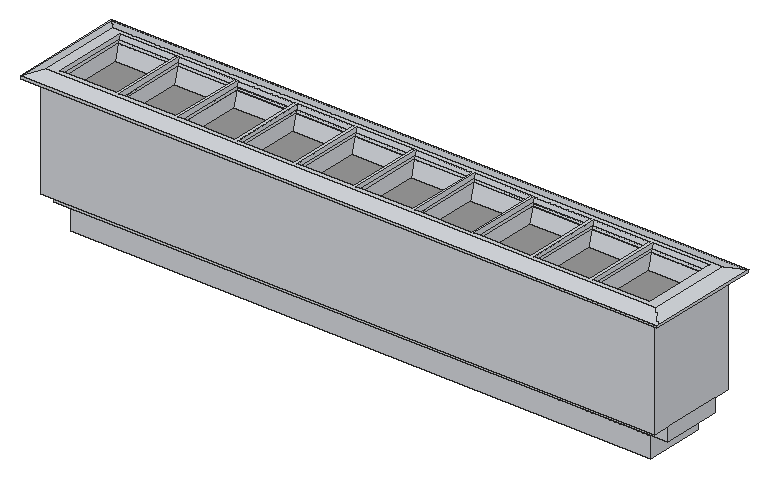
Revit family "2061447 Sylvania Lighting Fixture DOMINO 10xLED 930 BLACK NB TRIM BLACK DALI", category Lighting Fixtures, host Face, Revit 2018
Family settings
  Host = Face
  Round Connector Dimension = Use Diameter
  Part Type = Normal
  OmniClass Number = 23.80.70.00
  OmniClass Title = Lighting
  Cut with Voids When Loaded = No
  Light Source = Yes
  Shared = No
  Room Calculation Point = No
Parameters (values of type "2061447 DOMINO 10XLED 930 BLACK NB TR BLK DALI")
  top top width = 15.812 mm
  top top length = 255 mm
  Width = 50 mm
  Weight = "n/a"
  Wattage Comments = ""
  Wattage = 9.2903 W
  WarrantyStartDate [instance] = "n/a"
  WarrantyGuarantorParts = "n/a"
  WarrantyDurationUnit = "n/a"
  WarrantyDurationParts = ""
  WarrantyDescription = "http://www.sylvania-lighting.com"
  built-in parameter 1150110 = 1 (stored number, unit not read)
  Voltage = 0 V
  URL = "0.96"
  TypeName = "DOMINO 10xLED 930 BLACK NB TRIM BLACK DALI"
  Type Image = <None>
  Type Comments = "n/a"
  built-in parameter 1114217 = 1 (stored number, unit not read)
  Top Width = 26 mm
  Tilt Angle = 90.00°
  built-in parameter 1150109 = 1 (stored number, unit not read)
  built-in parameter 1150134 = 3
  built-in parameter 1150113 = 1 (stored number, unit not read)
  SerialNumber [instance] = "n/a"
  Recessed Width = 43 mm
  Recessed Length = 276 mm
  Photometric Web File = "2061447.ies"
  Material_3_FEILO = none
  PowerFactor = 0
  PowerConsumption = "Lighting"
  NominalLength = 50 mm
  NominalHeight = 0 mm
  NominalDepth = 0 mm
  Name = "DOMINO 10xLED 930 BLACK NB TRIM BLACK DALI"
  ModelReference = Name  # "DOMINO 10xLED 930 BLACK NB TRIM BLACK DALI"
  ModelNumber = "2061447"
  Model = Name  # "DOMINO 10xLED 930 BLACK NB TRIM BLACK DALI"
  Material = "Feilo Sylvania"
  ManufacturerName = "69 lm/W"
  Manufacturer = ""
  LuminousEfficacy = ""
  built-in parameter 1150105 = 109.82 (stored number, unit not read)
  Lumens = 1380 lm
  LuminaireType = "0"
  built-in parameter 1150115 = 1 (stored number, unit not read)
  LightOutputRatio = "LED"
  built-in parameter 1150137 = (empty or 0)
  built-in parameter 1150139 = (empty or 0)
  Lens inside recess = 25 mm
  Lens Width = 32 mm
  Lens Outside recess = 31.978 mm
  Lens = Glass, White, High Luminance
  Length = 280 mm
  LampsType = Lamp  # "n/a"
  LampNominalLuminous = "3000 K"
  LampMacAdamStep = "90"
  LampColourTemperature = "LED"
  LampColourRenderingIndex = "16500"
  built-in parameter 1150112 = 1 (stored number, unit not read)
  built-in parameter 1150114 = 1 (stored number, unit not read)
  Lamp = "n/a"
  Keynote = "n/a"
  InstallationDate [instance] = "n/a"
  InputVoltage = "0"
  InputNominalFrequency = "3000"
  built-in parameter 1150132 = (empty or 0)
  built-in parameter 1150102 = (empty or 0)
  built-in parameter 1150107 = 3200 (stored number, unit not read)
  built-in parameter 1150138 = (empty or 0)
  IngressProtection = "IfcLightFixtureType"
  ImpactProtectionIndex = "IfcLightFixtureType"
  built-in parameter 1150106 = 1.0982 (stored number, unit not read)
  IfcExportType = "IfcLightFixtureType"
  IfcExportAs = "Class II"
  Facia internal width = 37 mm
  Facia internal length = 268 mm
  Facia Height = 2 mm
  ExpectedLife = 50000
  Emit from Circle Diameter = 609.6 mm
  Emit Shape Visible in Rendering = no
  ElectricShockClassification = "69"
  built-in parameter 1150104 = 13.8 (stored number, unit not read)
  DurationUnit = "hours"
  DocumentationLiterature = "http://www.sylvania-lighting.com/product/en-int/products/2061447"
  DimmingControlOptions = "n/a"
  Material_2_FEILO = none
  Dimming Lamp Color Temperature Shift = <None>
  Description = "Modular LED recessed linear spotlight, ideal for retail and hospitality applications. Die-cast aluminium body, passive cooling. Two levels of reflector installation, low glaring UGR<16. 10x LED source, 15° beam angle , optics: PMMA lens and polycarbonate reflector combination, Black matt reflector finish. Light color temperature: 3000K warm white, total system power: 23W , total fixture lumen output: 1575lm, efficacy: 69 lm/W, Ra90 typical, LED chromacity: 3 step MacAdam ellipse (SDCM3), lifespan: 96,000 hours at 90% of the original output (L90B10), IR/UV free light source without heat radiation, operating voltage: 220-240V / 50-60Hz, electronic driver, ultra low flicker, DALI , electrical protection: Class II. Degree of Protection: IP40/IP20, suitable for indoor environment only. Ceiling cut-out: 43x43mm, outer dimensions:  280x50mm trim frame RAL 9005 - Jet black color.5 years Warranty."
  Default Elevation = 1219.2 mm
  CreatedOn = "11/02/2021"
  CreatedBy = "@sylvania-lighting.com"
  Cost = 0
  Color Filter = 16777215
  built-in parameter 1114216 [instance] = (empty or 0)
  ClassificationValue = "EF_70_80"
  ClassificationName = "Uniclass2015"
  Material_1_FEILO = none
  Body Width = 40 mm
  Body Length = 270 mm
  BarCode [instance] = "n/a"
  built-in parameter 1114218 = 1 (stored number, unit not read)
  built-in parameter 1150133 = 10 (stored number, unit not read)
  AssetType = "Fixed"
  AssetIdentifier [instance] = "n/a"
  Assembly Code = "D5020200"
  Apparent Load = 23 VA
  Material_4_FEILO = none
Reference planes
  plane 1 "Center (Front/Back)": y = 0
  plane 2: z = 0
  plane 3 "Center (Left/Right)": x = 0
  plane 4: z = 0
  plane 5: z = -7
  plane 6: z = -45.895
  plane 7: z = -51.895
  plane 8: z = -60.895
  plane 9: x = -138
  plane 10: x = 138
  plane 11: y = 21.5
  plane 12: y = -21.5
  plane 13: x = -140
  plane 14: x = 140
  plane 15: y = 25
  plane 16: y = -25
  plane 17: x = 134
  plane 18: x = -134
  plane 19: y = 18.5
  plane 20: y = -18.5
  plane 21: z = 2
  plane 22: x = -135
  plane 23: x = 135
  plane 24: y = 20
  plane 25: y = -20
  plane 26: y = 13
  plane 27: y = -13
  plane 28: x = 127.5
  plane 29: x = -127.5
  plane 30: x = -132
  plane 31: y = 16.5
  plane 32: y = -16.472
  plane 33: y = 13
  plane 34: y = -12.972
  plane 35: x = 129.7
  plane 36: x = 127.224
Forms (mm)
  Extrusion 1, solid, not visible, detail levels medium+fine
    sketch origin (4.2, 0, 0) x (1, 0, 0) y (0, 1, 0)
      loop
        line (-29.2, 34.5) -> (-29.2, -34.5) -> (20.8, -34.5) -> (20.8, 34.5) -> (-29.2, 34.5)
    from 0 to 1
  Extrusion 2, solid, not visible, detail levels medium+fine
    sketch origin (4.044, 0, 0) x (1, 0, 0) y (0, 1, 0)
      loop
        line (-29.2, 34.5) -> (-29.2, -34.5) -> (20.8, -34.5) -> (20.8, 34.5) -> (-29.2, 34.5)
    from 0 to 1
  Blend 3, solid, not visible, detail levels medium+fine
    base sketch origin (4.2, 0, 0) x (1, 0, 0) y (0, 1, 0)
      loop
        line (-29.2, 34.5) -> (-29.2, -34.5) -> (20.8, -34.5) -> (20.8, 34.5) -> (-29.2, 34.5)
    top sketch origin (4.2, 0, 0) x (1, 0, 0) y (0, 1, 0)
      loop
        line (-21.7, 28) -> (-21.7, -28) -> (13.3, -28) -> (13.3, 28) -> (-21.7, 28)
    from 1 to 3
  Extrusion 4, solid, not visible, detail levels medium+fine
    sketch origin (3.419, 0, 0) x (1, 0, 0) y (0, 1, 0)
      loop
        line (-29.2, 34.5) -> (-29.2, -34.5) -> (20.8, -34.5) -> (20.8, 34.5) -> (-29.2, 34.5)
    from 0 to 1
  Blend 5, solid, not visible, detail levels medium+fine
    base sketch origin (3.575, 0, 0) x (1, 0, 0) y (0, 1, 0)
      loop
        line (-29.2, 34.5) -> (-29.2, -34.5) -> (20.8, -34.5) -> (20.8, 34.5) -> (-29.2, 34.5)
    top sketch origin (3.575, 0, 0) x (1, 0, 0) y (0, 1, 0)
      loop
        line (-21.7, 28) -> (-21.7, -28) -> (13.3, -28) -> (13.3, 28) -> (-21.7, 28)
    from 1 to 3
  Extrusion 6, solid, not visible, detail levels medium+fine
    sketch origin (4.247, 0, 0) x (1, 0, 0) y (0, 1, 0)
      loop
        line (-29.2, 34.5) -> (-29.2, -34.5) -> (20.8, -34.5) -> (20.8, 34.5) -> (-29.2, 34.5)
    from 0 to 1
  Blend 7, solid, not visible, detail levels medium+fine
    base sketch origin (4.403, 0, 0) x (1, 0, 0) y (0, 1, 0)
      loop
        line (-29.2, 34.5) -> (-29.2, -34.5) -> (20.8, -34.5) -> (20.8, 34.5) -> (-29.2, 34.5)
    top sketch origin (4.403, 0, 0) x (1, 0, 0) y (0, 1, 0)
      loop
        line (-21.7, 28) -> (-21.7, -28) -> (13.3, -28) -> (13.3, 28) -> (-21.7, 28)
    from 1 to 3
  Extrusion 8, void, detail levels medium+fine
    sketch origin (4.2, 0, 0) x (0, 1, 0) y (1, 0, 0)
      loop
        line (21.5, -142.2) -> (21.5, 133.8) -> (-21.5, 133.8) -> (-21.5, -142.2) -> (21.5, -142.2)
    from -9.934 to 83.097
  Extrusion 9, solid, detail levels medium+fine
    sketch origin (4.2, 0, 0) x (1, 0, 0) y (0, 1, 0)
      loop
        line (-144.2, 25) -> (-144.2, -25) -> (135.8, -25) -> (135.8, 25) -> (-144.2, 25)
    from 0 to 1
  Extrusion 10, solid, detail levels medium+fine
    sketch origin (4.2, 0, 0) x (1, 0, 0) y (0, 1, 0)
      loop
        line (-139.2, 20) -> (-139.2, -20) -> (130.8, -20) -> (130.8, 20) -> (-139.2, 20)
    from 0 to -45.895
  Extrusion 11, solid, detail levels medium+fine
    sketch origin (4.2, 0, 0) x (1, 0, 0) y (0, 1, 0)
      loop
        line (-139.2, 13) -> (-139.2, -13) -> (130.8, -13) -> (130.8, 13) -> (-139.2, 13)
    from -51.895 to -45.895
  Extrusion 12, solid, material "Glass, White, High Luminance" <- "Lens", detail levels fine
    sketch origin (-53.155, 1221.106, 36.156) x (1, 0, 0) y (0, 1, 0)
      loop
        line (-76.18, -1206.856) -> (-76.18, -1232.856) -> (-52.18, -1232.856) -> (-52.18, -1206.856) -> (-76.18, -1206.856)
    from -43.156 to -42.182
  Blend 13, solid, detail levels medium+fine
    base sketch origin (4.2, 0, 0) x (1, 0, 0) y (0, 1, 0)
      loop
        line (-144.2, 25) -> (-144.2, -25) -> (135.8, -25) -> (135.8, 25) -> (-144.2, 25)
    top sketch origin (4.2, 0, 0) x (1, 0, 0) y (0, 1, 0)
      loop
        line (-138.2, 18.5) -> (-138.2, -18.5) -> (129.8, -18.5) -> (129.8, 18.5) -> (-138.2, 18.5)
    from 1 to 3
  Extrusion 14, solid, detail levels fine
    sketch origin (0, 0, 0) x (1, 0, 0) y (0, 0, 1)
      loop
        line (-127.5, -51.895) -> (-127.5, -60.895) -> (127.5, -60.895) -> (127.5, -51.895) -> (-127.5, -51.895)
    from -13 to 13
  Blend 15, void
    base sketch origin (-59.8, 0, 0) x (0, 1, 0) y (-1, 0, 0)
      loop
        line (16.5, 69.7) -> (-16.472, 69.7) -> (-16.472, 44.7) -> (16.5, 44.7) -> (16.5, 69.7)
    top sketch origin (-59.8, 0, 0) x (0, 1, 0) y (-1, 0, 0)
      loop
        line (13, 69.2) -> (-12.972, 69.2) -> (-12.972, 45.2) -> (13, 45.2) -> (13, 69.2)
    from 3 to -7
  Blend 16, void
    base sketch origin (18.282, 0, 0) x (0, 1, 0) y (-1, 0, 0)
      loop
        line (16.5, 69.7) -> (-16.472, 69.7) -> (-16.472, 44.7) -> (16.5, 44.7) -> (16.5, 69.7)
    top sketch origin (18.282, 0, 0) x (0, 1, 0) y (-1, 0, 0)
      loop
        line (13, 69.2) -> (-12.972, 69.2) -> (-12.972, 45.2) -> (13, 45.2) -> (13, 69.2)
    from 3 to -7
  Blend 17, void
    base sketch origin (44.284, -0.017, 0) x (0, 1, 0) y (-1, 0, 0)
      loop
        line (16.5, 69.7) -> (-16.472, 69.7) -> (-16.472, 44.7) -> (16.5, 44.7) -> (16.5, 69.7)
    top sketch origin (44.284, -0.017, 0) x (0, 1, 0) y (-1, 0, 0)
      loop
        line (13, 69.2) -> (-12.972, 69.2) -> (-12.972, 45.2) -> (13, 45.2) -> (13, 69.2)
    from 3 to -7
  Blend 18, void
    base sketch origin (70.327, 0, 0) x (0, 1, 0) y (-1, 0, 0)
      loop
        line (16.5, 69.7) -> (-16.472, 69.7) -> (-16.472, 44.7) -> (16.5, 44.7) -> (16.5, 69.7)
    top sketch origin (70.327, 0, 0) x (0, 1, 0) y (-1, 0, 0)
      loop
        line (13, 69.2) -> (-12.972, 69.2) -> (-12.972, 45.2) -> (13, 45.2) -> (13, 69.2)
    from 3 to -7
  Blend 19, void
    base sketch origin (96.351, 0, 0) x (0, 1, 0) y (-1, 0, 0)
      loop
        line (16.5, 69.7) -> (-16.472, 69.7) -> (-16.472, 44.7) -> (16.5, 44.7) -> (16.5, 69.7)
    top sketch origin (96.351, 0, 0) x (0, 1, 0) y (-1, 0, 0)
      loop
        line (13, 69.2) -> (-12.972, 69.2) -> (-12.972, 45.2) -> (13, 45.2) -> (13, 69.2)
    from 3 to -7
  Extrusion 20, solid, material "Glass, White, High Luminance" <- "Lens", detail levels fine
    sketch origin (-29.269, 1219.946, 36.156) x (1, 0, 0) y (0, 1, 0)
      loop
        line (-73.723, -1206.946) -> (-73.723, -1232.946) -> (-49.723, -1232.946) -> (-49.723, -1206.946) -> (-73.723, -1206.946)
    from -43.156 to -42.182
  Extrusion 21, solid, material "Glass, White, High Luminance" <- "Lens", detail levels fine
    sketch origin (-0.613, 1219.733, 36.156) x (1, 0, 0) y (0, 1, 0)
      loop
        line (-76.347, -1206.7) -> (-76.347, -1232.733) -> (-52.347, -1232.733) -> (-52.347, -1206.7) -> (-76.347, -1206.7)
    from -43.156 to -42.182
  Extrusion 22, solid, material "Glass, White, High Luminance" <- "Lens", detail levels fine
    sketch origin (24.387, 1218.509, 36.156) x (1, 0, 0) y (0, 1, 0)
      loop
        line (-75.305, -1205.509) -> (-75.305, -1231.509) -> (-51.305, -1231.509) -> (-51.305, -1205.509) -> (-75.305, -1205.509)
    from -43.156 to -42.182
  Extrusion 23, solid, material "Glass, White, High Luminance" <- "Lens", detail levels fine
    sketch origin (51.187, 1219.547, 36.156) x (1, 0, 0) y (0, 1, 0)
      loop
        line (-76.102, -1206.547) -> (-76.102, -1232.547) -> (-52.102, -1232.547) -> (-52.102, -1206.547) -> (-76.102, -1206.547)
    from -43.156 to -42.182
  Blend 24, void
    base sketch origin (-33.792, 0, 0) x (0, 1, 0) y (-1, 0, 0)
      loop
        line (16.5, 69.7) -> (-16.472, 69.7) -> (-16.472, 44.7) -> (16.5, 44.7) -> (16.5, 69.7)
    top sketch origin (-33.792, 0, 0) x (0, 1, 0) y (-1, 0, 0)
      loop
        line (13, 69.2) -> (-12.972, 69.2) -> (-12.972, 45.2) -> (13, 45.2) -> (13, 69.2)
    from 3 to -7
  Blend 25, void
    base sketch origin (-7.76, 0, 0) x (0, 1, 0) y (-1, 0, 0)
      loop
        line (16.5, 69.7) -> (-16.472, 69.7) -> (-16.472, 44.7) -> (16.5, 44.7) -> (16.5, 69.7)
    top sketch origin (-7.76, 0, 0) x (0, 1, 0) y (-1, 0, 0)
      loop
        line (13, 69.2) -> (-12.972, 69.2) -> (-12.972, 45.2) -> (13, 45.2) -> (13, 69.2)
    from 3 to -7
  Blend 26, void
    base sketch origin (122.411, 0, 0) x (0, 1, 0) y (-1, 0, 0)
      loop
        line (16.5, 69.7) -> (-16.472, 69.7) -> (-16.472, 44.7) -> (16.5, 44.7) -> (16.5, 69.7)
    top sketch origin (122.411, 0, 0) x (0, 1, 0) y (-1, 0, 0)
      loop
        line (13, 69.2) -> (-12.972, 69.2) -> (-12.972, 45.2) -> (13, 45.2) -> (13, 69.2)
    from 3 to -7
  Extrusion 27, solid, material "Glass, White, High Luminance" <- "Lens", detail levels fine
    sketch origin (77.265, 1219.547, 36.156) x (1, 0, 0) y (0, 1, 0)
      loop
        line (-76.102, -1206.547) -> (-76.102, -1232.547) -> (-52.102, -1232.547) -> (-52.102, -1206.547) -> (-76.102, -1206.547)
    from -43.156 to -42.182
  Extrusion 28, solid, material "Glass, White, High Luminance" <- "Lens", detail levels fine
    sketch origin (100.753, 1219.547, 36.156) x (1, 0, 0) y (0, 1, 0)
      loop
        line (-76.102, -1206.547) -> (-76.102, -1232.547) -> (-52.102, -1232.547) -> (-52.102, -1206.547) -> (-76.102, -1206.547)
    from -43.156 to -42.182
  Extrusion 29, solid, material "Glass, White, High Luminance" <- "Lens", detail levels fine
    sketch origin (129.314, 1219.547, 36.156) x (1, 0, 0) y (0, 1, 0)
      loop
        line (-76.102, -1206.547) -> (-76.102, -1232.547) -> (-52.102, -1232.547) -> (-52.102, -1206.547) -> (-76.102, -1206.547)
    from -43.156 to -42.182
  Blend 30, void
    base sketch origin (148.416, 0, 0) x (0, 1, 0) y (-1, 0, 0)
      loop
        line (16.5, 69.7) -> (-16.472, 69.7) -> (-16.472, 44.7) -> (16.5, 44.7) -> (16.5, 69.7)
    top sketch origin (148.416, 0, 0) x (0, 1, 0) y (-1, 0, 0)
      loop
        line (13, 69.2) -> (-12.972, 69.2) -> (-12.972, 45.2) -> (13, 45.2) -> (13, 69.2)
    from 3 to -7
  Extrusion 31, solid, material "Glass, White, High Luminance" <- "Lens", detail levels fine
    sketch origin (155.278, 1219.547, 36.156) x (1, 0, 0) y (0, 1, 0)
      loop
        line (-76.102, -1206.547) -> (-76.102, -1232.547) -> (-52.102, -1232.547) -> (-52.102, -1206.547) -> (-76.102, -1206.547)
    from -43.156 to -42.182
  Blend 32, void
    base sketch origin (174.42, 0, 0) x (0, 1, 0) y (-1, 0, 0)
      loop
        line (16.5, 69.7) -> (-16.472, 69.7) -> (-16.472, 44.7) -> (16.5, 44.7) -> (16.5, 69.7)
    top sketch origin (174.42, 0, 0) x (0, 1, 0) y (-1, 0, 0)
      loop
        line (13, 69.2) -> (-12.972, 69.2) -> (-12.972, 45.2) -> (13, 45.2) -> (13, 69.2)
    from 3 to -7
  Extrusion 33, solid, material "Glass, White, High Luminance" <- "Lens", detail levels fine
    sketch origin (181.434, 1219.547, 36.156) x (1, 0, 0) y (0, 1, 0)
      loop
        line (-76.214, -1206.547) -> (-76.214, -1232.547) -> (-52.214, -1232.547) -> (-52.214, -1206.547) -> (-76.214, -1206.547)
    from -43.156 to -42.182
  Extrusion 34, solid, detail levels coarse
    sketch origin (4.2, 0, 0) x (1, 0, 0) y (0, 1, 0)
      loop
        line (-144.2, 25) -> (-144.2, -25) -> (135.8, -25) -> (135.8, 25) -> (-144.2, 25)
    from -60.895 to 3
Cuts and joins
  Blend 15, Blend 16, Blend 17, Blend 18, Blend 19, Blend 24, Blend 25, Blend 26, Blend 30, Blend 32 cuts Extrusion 9
  Blend 15, Blend 16, Blend 17, Blend 18, Blend 19, Blend 24, Blend 25, Blend 26, Blend 30, Blend 32 cuts Extrusion 10
  Blend 15, Blend 16, Blend 17, Blend 18, Blend 19, Blend 24, Blend 25, Blend 26, Blend 30, Blend 32 cuts Blend 13
  Blend 32 cuts Extrusion 31
Dimensions and locks
  "Recessed Length": plane 9 to plane 10
  equal spacing: plane 9, plane 3 "Center (Left/Right)", plane 10
  "Length": plane 13 to plane 14
  equal spacing: plane 13, plane 3 "Center (Left/Right)", plane 14
  "Recessed Width": plane 11 to plane 12
  equal spacing: plane 11, plane 1 "Center (Front/Back)", plane 12
  "Width": plane 15 to plane 16
  equal spacing: plane 15, plane 1 "Center (Front/Back)", plane 16
  "Facia internal length": plane 18 to plane 17
  equal spacing: plane 18, plane 3 "Center (Left/Right)", plane 17
  "Facia internal width": plane 19 to plane 20
  equal spacing: plane 19, plane 1 "Center (Front/Back)", plane 20
  "Facia Height": plane 21 to host face
  "Body Length": plane 22 to plane 23
  equal spacing: plane 22, plane 3 "Center (Left/Right)", plane 23
  "Body Width": plane 24 to plane 25
  equal spacing: plane 24, plane 1 "Center (Front/Back)", plane 25
  "Top Width": plane 26 to plane 27
  equal spacing: plane 26, plane 1 "Center (Front/Back)", plane 27
  "top top length": plane 29 to plane 28
  equal spacing: plane 29, plane 3 "Center (Left/Right)", plane 28  (x2)
  plane 28 to plane 29 = 255 mm
  equal spacing: plane 28, plane 3 "Center (Left/Right)", plane 29
  aligned and locked: plane 2 to host face
  aligned and locked: level to host face
  aligned and locked: Extrusion 11 to plane 7
  aligned and locked: Extrusion 10 to plane 6
  aligned and locked: Extrusion 12 to plane 5
Automatic sketch dimensions
  Extrusion 1 sketch curve to Extrusion 1 sketch curve = 50 mm
  Extrusion 1 sketch curve to Extrusion 1 sketch curve = 69 mm
  Extrusion 2 sketch curve to Extrusion 2 sketch curve = 50 mm
  Extrusion 2 sketch curve to Extrusion 2 sketch curve = 69 mm
  Blend 3 sketch curve to Blend 3 sketch curve = 50 mm
  Blend 3 sketch curve to Blend 3 sketch curve = 69 mm
  Blend 3 sketch curve to Blend 3 sketch curve = 35 mm
  Blend 3 sketch curve to Blend 3 sketch curve = 56 mm
  Extrusion 4 sketch curve to Extrusion 4 sketch curve = 50 mm
  Extrusion 4 sketch curve to Extrusion 4 sketch curve = 69 mm
  Blend 5 sketch curve to Blend 5 sketch curve = 50 mm
  Blend 5 sketch curve to Blend 5 sketch curve = 69 mm
  Blend 5 sketch curve to Blend 5 sketch curve = 35 mm
  Blend 5 sketch curve to Blend 5 sketch curve = 56 mm
  Extrusion 6 sketch curve to Extrusion 6 sketch curve = 50 mm
  Extrusion 6 sketch curve to Extrusion 6 sketch curve = 69 mm
  Blend 7 sketch curve to Blend 7 sketch curve = 50 mm
  Blend 7 sketch curve to Blend 7 sketch curve = 69 mm
  Blend 7 sketch curve to Blend 7 sketch curve = 35 mm
  Blend 7 sketch curve to Blend 7 sketch curve = 56 mm
  host sketch curve to host sketch curve = 2438.4 mm  (x2)
  Extrusion 8 sketch curve to plane 9 = 0 mm
  Extrusion 8 sketch curve to plane 12 = 0 mm
  Extrusion 8 sketch curve to plane 11 = 0 mm
  Extrusion 8 sketch curve to plane 10 = 0 mm
  Extrusion 9 sketch curve to plane 13 = 0 mm
  Extrusion 9 sketch curve to plane 14 = 0 mm
  Extrusion 9 sketch curve to plane 16 = 0 mm
  Extrusion 9 sketch curve to plane 15 = 0 mm
  Extrusion 10 sketch curve to plane 22 = 0 mm
  Extrusion 10 sketch curve to plane 23 = 0 mm
  Extrusion 10 sketch curve to plane 25 = 0 mm
  Extrusion 10 sketch curve to plane 24 = 0 mm
  Extrusion 11 sketch curve to plane 22 = 0 mm
  Extrusion 11 sketch curve to plane 23 = 0 mm
  Extrusion 11 sketch curve to plane 27 = 0 mm
  plane 26 to Extrusion 11 sketch curve = 0 mm
  plane 27 to Extrusion 12 sketch curve = 1.25 mm
  plane 26 to Extrusion 12 sketch curve = 1.25 mm
  plane 30 to Extrusion 12 sketch curve = 2.665 mm
  Blend 13 sketch curve to plane 13 = 0 mm
  Blend 13 sketch curve to plane 14 = 0 mm
  Blend 13 sketch curve to plane 16 = 0 mm
  Blend 13 sketch curve to plane 15 = 0 mm
  Blend 13 sketch curve to plane 18 = 0 mm
  Blend 13 sketch curve to plane 17 = 0 mm
  Blend 13 sketch curve to plane 20 = 0 mm
  Blend 13 sketch curve to plane 19 = 0 mm
  Extrusion 14 sketch curve to plane 8 = 0 mm
  Extrusion 14 sketch curve to plane 29 = 0 mm
  Extrusion 14 sketch curve to plane 28 = 0 mm
  Extrusion 14 sketch curve to plane 7 = 0 mm
  plane 30 to Blend 15 sketch curve = 2.5 mm
  Blend 15 sketch curve to plane 32 = 0 mm
  Blend 15 sketch curve to plane 31 = 0 mm
  Blend 15 sketch curve to plane 34 = 0 mm
  Blend 15 sketch curve to plane 26 = 0 mm
  plane 30 to Blend 15 sketch curve = 3 mm
  Blend 16 sketch curve to plane 32 = 0 mm
  Blend 16 sketch curve to plane 31 = 0 mm
  Blend 16 sketch curve to plane 34 = 0 mm
  Blend 16 sketch curve to plane 26 = 0 mm
  Blend 17 sketch curve to plane 32 = 0.017 mm
  Blend 17 sketch curve to plane 31 = 0.017 mm
  plane 27 to Blend 17 sketch curve = 0.011 mm
  Blend 17 sketch curve to plane 26 = 0.017 mm
  plane 32 to Blend 18 sketch curve = 0 mm
  plane 31 to Blend 18 sketch curve = 0 mm
  plane 34 to Blend 18 sketch curve = 0 mm
  plane 26 to Blend 18 sketch curve = 0 mm
  Blend 19 sketch curve to plane 32 = 0 mm
  Blend 19 sketch curve to plane 31 = 0 mm
  Blend 19 sketch curve to plane 34 = 0 mm
  Blend 19 sketch curve to plane 26 = 0 mm
  Extrusion 20 sketch curve to plane 27 = 0 mm
  Extrusion 20 sketch curve to plane 26 = 0 mm
  Extrusion 21 sketch curve to plane 27 = 0 mm
  plane 26 to Extrusion 21 sketch curve = 0.033 mm
  Extrusion 22 sketch curve to plane 27 = 0 mm
  Extrusion 22 sketch curve to plane 26 = 0 mm
  Extrusion 23 sketch curve to plane 27 = 0 mm
  Extrusion 23 sketch curve to plane 26 = 0 mm
  Blend 24 sketch curve to plane 32 = 0 mm
  Blend 24 sketch curve to plane 31 = 0 mm
  Blend 24 sketch curve to plane 34 = 0 mm
  Blend 24 sketch curve to plane 26 = 0 mm
  Blend 25 sketch curve to plane 32 = 0 mm
  Blend 25 sketch curve to plane 31 = 0 mm
  Blend 25 sketch curve to plane 34 = 0 mm
  Blend 25 sketch curve to plane 26 = 0 mm
  Blend 26 sketch curve to plane 32 = 0 mm
  Blend 26 sketch curve to plane 31 = 0 mm
  Blend 26 sketch curve to plane 34 = 0 mm
  Blend 26 sketch curve to plane 26 = 0 mm
  Extrusion 27 sketch curve to plane 27 = 0 mm
  Extrusion 27 sketch curve to plane 26 = 0 mm
  Extrusion 28 sketch curve to plane 27 = 0 mm
  Extrusion 28 sketch curve to plane 26 = 0 mm
  Extrusion 29 sketch curve to plane 27 = 0 mm
  Extrusion 29 sketch curve to plane 26 = 0 mm
  Blend 30 sketch curve to plane 32 = 0 mm
  Blend 30 sketch curve to plane 31 = 0 mm
  Blend 30 sketch curve to plane 34 = 0 mm
  Blend 30 sketch curve to plane 26 = 0 mm
  Extrusion 31 sketch curve to plane 27 = 0 mm
  Extrusion 31 sketch curve to plane 26 = 0 mm
  Blend 32 sketch curve to plane 32 = 0 mm
  Blend 32 sketch curve to plane 31 = 0 mm
  plane 28 to Blend 32 sketch curve = 2.22 mm
  Blend 32 sketch curve to plane 34 = 0 mm
  Blend 32 sketch curve to plane 26 = 0 mm
  plane 28 to Blend 32 sketch curve = 1.72 mm
  plane 27 to Extrusion 33 sketch curve = 0 mm
  plane 26 to Extrusion 33 sketch curve = 0 mm
  plane 28 to Extrusion 33 sketch curve = 1.72 mm
  Extrusion 21 sketch curve to Extrusion 21 sketch curve = 24 mm
  Blend 25 sketch curve to Blend 25 sketch curve = 24 mm
  plane 29 to Extrusion 12 sketch curve = 22.165 mm
  plane 29 to Blend 15 sketch curve = 23 mm
  plane 29 to Blend 15 sketch curve = 22.5 mm
  plane 29 to Extrusion 20 sketch curve = 24.508 mm
  Extrusion 20 sketch curve to Extrusion 20 sketch curve = 24 mm
  plane 29 to Blend 24 sketch curve = 49.008 mm
  plane 29 to Blend 24 sketch curve = 24.008 mm
  plane 29 to Blend 24 sketch curve = 48.508 mm
  Blend 24 sketch curve to Blend 24 sketch curve = 24 mm
  Blend 25 sketch curve to Blend 25 sketch curve = 25 mm
  Blend 16 sketch curve to Blend 16 sketch curve = 25 mm
  Blend 16 sketch curve to Blend 16 sketch curve = 24 mm
  plane 29 to Extrusion 21 sketch curve = 50.54 mm
  Extrusion 22 sketch curve to Extrusion 22 sketch curve = 24 mm
  Blend 16 sketch curve to plane 3 "Center (Left/Right)" = 26.418 mm
  Blend 16 sketch curve to plane 3 "Center (Left/Right)" = 26.918 mm
  Blend 17 sketch curve to plane 3 "Center (Left/Right)" = 0.416 mm
  Blend 17 sketch curve to Blend 17 sketch curve = 25 mm
  Blend 17 sketch curve to plane 3 "Center (Left/Right)" = 0.916 mm
  Blend 17 sketch curve to Blend 17 sketch curve = 24 mm
  plane 3 "Center (Left/Right)" to Blend 18 sketch curve = 0.627 mm
  plane 3 "Center (Left/Right)" to Blend 18 sketch curve = 1.127 mm
  Extrusion 22 sketch curve to plane 3 "Center (Left/Right)" = 50.918 mm
  Extrusion 23 sketch curve to plane 3 "Center (Left/Right)" = 24.916 mm
  Extrusion 23 sketch curve to plane 3 "Center (Left/Right)" = 0.916 mm
  Blend 25 sketch curve to plane 3 "Center (Left/Right)" = 52.46 mm
  Blend 25 sketch curve to plane 3 "Center (Left/Right)" = 52.96 mm
  plane 3 "Center (Left/Right)" to Extrusion 27 sketch curve = 1.162 mm
  Blend 18 sketch curve to Blend 18 sketch curve = 25 mm
  Blend 18 sketch curve to Blend 18 sketch curve = 24 mm
  plane 3 "Center (Left/Right)" to Blend 19 sketch curve = 51.651 mm
  Blend 19 sketch curve to Blend 19 sketch curve = 25 mm
  plane 3 "Center (Left/Right)" to Blend 19 sketch curve = 51.151 mm
  Blend 19 sketch curve to Blend 19 sketch curve = 24 mm
  Blend 26 sketch curve to plane 36 = 49.513 mm
  Blend 26 sketch curve to Blend 26 sketch curve = 25 mm
  Blend 26 sketch curve to plane 36 = 50.013 mm
  Blend 26 sketch curve to Blend 26 sketch curve = 24 mm
  Extrusion 27 sketch curve to Extrusion 27 sketch curve = 24 mm
  plane 3 "Center (Left/Right)" to Extrusion 28 sketch curve = 24.651 mm
  Extrusion 28 sketch curve to Extrusion 28 sketch curve = 24 mm
  plane 3 "Center (Left/Right)" to Extrusion 29 sketch curve = 53.211 mm
  Extrusion 29 sketch curve to Extrusion 29 sketch curve = 24 mm
  Blend 30 sketch curve to plane 36 = 23.508 mm
  Blend 30 sketch curve to Blend 30 sketch curve = 25 mm
  Blend 30 sketch curve to plane 36 = 24.008 mm
  Blend 30 sketch curve to Blend 30 sketch curve = 24 mm
  Extrusion 31 sketch curve to plane 36 = 48.048 mm
  Extrusion 31 sketch curve to Extrusion 31 sketch curve = 24 mm
  Blend 32 sketch curve to plane 36 = 22.504 mm
  Blend 32 sketch curve to plane 36 = 22.004 mm
  Extrusion 33 sketch curve to plane 36 = 22.004 mm
  Extrusion 34 sketch curve to plane 13 = 0 mm
  Extrusion 34 sketch curve to plane 14 = 0 mm
  Extrusion 34 sketch curve to plane 16 = 0 mm
  Extrusion 34 sketch curve to plane 15 = 0 mm
Connectors
  electrical at (0, 0, -60.895)
    settings: on Extrusion 14, index 1, voltage 0 V, apparent load 0 VA, apparent load phase1 0 VA, apparent load phase2 0 VA, apparent load phase3 0 VA, power factor 1, load classification "Other", number of poles 1, system type 31, power factor state 1, is connector primary yes, connector utility no, sub classification motor no, connector description ""
